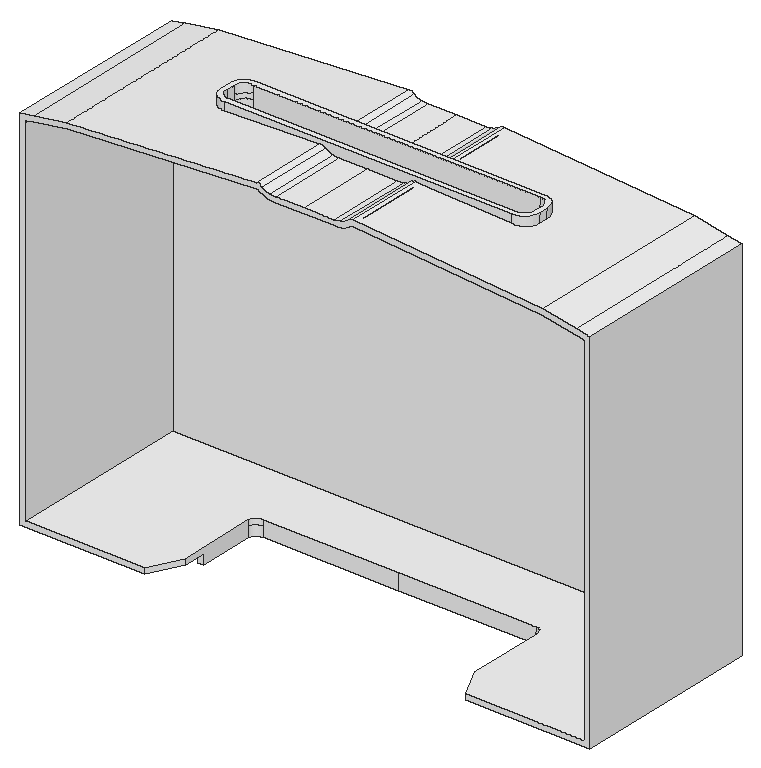
Revit family "Vent_Cap-Navien-Outdoor-Kit", category Mechanical Equipment, host Face, Revit 2018
Family settings
  Host = Face
  Round Connector Dimension = Use Diameter
  Part Type = Normal
  OmniClass Number = 23.65.35.11
  OmniClass Title = Supply Water Heaters
  Cut with Voids When Loaded = No
  Shared = No
  Room Calculation Point = No
Parameters (values of type "Outdoor Vent Cap Kit (NPN-U Only)")
  Width = 14.46"  # constant formula
  Weight = 0.00 lbf
  Warranty = "https://www.navieninc.com/warranties"
  Version = "2018 - v1.0.a"  # constant formula
  URL = "https://www.navieninc.com"
  Product Page URL = "https://www.navieninc.com/products/npn-199u/accessories"
  Product Name = "Outdoor Vent Cap Kit (NPN-U Only)"  # constant formula
  Product Documentation Link = "https://www.navieninc.com/downloads/npn-outdoor-vent-cap-installation-manual-en"
  Model = "30023991A"  # constant formula
  Material = ""
  Manufacturer Phone Number = "(949) 420-0420"  # constant formula
  Manufacturer Fax Number = "(949) 420-0430"  # constant formula
  Manufacturer Address = "20 Goodyear, Irvine, CA 92618"  # constant formula
  Manufacturer = "Navien, Inc."  # constant formula
  Keynote = "22 33 00.A1"
  Installation Type = "Outdoor Vent Cover"  # constant formula
  Height = 4.72"  # constant formula
  Finish = Polypropylene - Navien - White
  Description = "Designed for NPN-U when installing unit outdoors. Required for NPN-U outdoor installations."  # constant formula
  Depth = 9.94"  # constant formula
  Default Elevation = 48.00"
  Copyright = "All contents copyright © Navien Inc."  # constant formula
  Assembly Code = "D3010500"
Reference planes (in)
  plane 1 "Center (Front/Back)": y = 0
  plane 2: z = 0
  plane 3 "Center (Left/Right)": x = 0
Forms (in)
  Extrusion 1, solid, material "Polypropylene - Navien - White" <- "Finish", detail levels medium+fine
    sketch origin (0, 2.85827, 0) x (1, 0, 0) y (0, 0, 1)
      loop
        line (-7.09743, 9.44511) -> (-7.09743, 0.39005) -> (-6.96309, 0.39005) -> (-6.96309, 9.288)
        arc (-6.96309, 9.288) -> (-6.94819, 9.32398) -> (-6.91221, 9.33888) r 0.05088
        line (-6.91221, 9.33888) -> (-6.74126, 9.36903) -> (-5.90115, 9.51716)
        arc (-5.90115, 9.51716) -> (-3.55994, 9.74451) -> (-1.20956, 9.83783) r 41.18398
        arc (-1.20956, 9.83783) -> (-1.16206, 9.83003) -> (-1.1234, 9.80134) r 0.10217
        arc (-1.1234, 9.80134) -> (-0.92792, 9.71081) -> (-0.71336, 9.69147) r 0.62971
        line (-0.71336, 9.69147) -> (0, 9.69147) -> (0.71336, 9.69147)
        arc (0.71336, 9.69147) -> (0.92792, 9.71081) -> (1.1234, 9.80134) r 0.62971
        arc (1.1234, 9.80134) -> (1.16206, 9.83003) -> (1.20956, 9.83783) r 0.10217
        arc (1.20956, 9.83783) -> (3.55994, 9.74451) -> (5.90115, 9.51716) r 41.18398
        line (5.90115, 9.51716) -> (6.74126, 9.36903) -> (6.91221, 9.33888)
        arc (6.91221, 9.33888) -> (6.94819, 9.32398) -> (6.96309, 9.288) r 0.05088
        line (6.96309, 9.288) -> (6.96309, 0.39005) -> (7.09743, 0.39005) -> (7.09743, 9.44511) -> (6.76195, 9.50427) -> (5.93601, 9.6499)
        arc (5.93601, 9.6499) -> (3.57144, 9.87877) -> (1.19759, 9.97078) r 41.14121
        arc (1.19759, 9.97078) -> (1.1262, 9.95856) -> (1.06366, 9.92204) r 0.20287
        arc (1.06366, 9.92204) -> (0.97622, 9.8668) -> (0.87667, 9.83878) r 0.35897
        arc (0.87667, 9.83878) -> (0.80031, 9.83046) -> (0.72368, 9.8254) r 1.80753
        line (0.72368, 9.8254) -> (0, 9.8254) -> (-0.72368, 9.8254)
        arc (-0.72368, 9.8254) -> (-0.80031, 9.83046) -> (-0.87667, 9.83878) r 1.80753
        arc (-0.87667, 9.83878) -> (-0.97622, 9.8668) -> (-1.06366, 9.92204) r 0.35897
        arc (-1.06366, 9.92204) -> (-1.1262, 9.95856) -> (-1.19759, 9.97078) r 0.20287
        arc (-1.19759, 9.97078) -> (-3.57144, 9.87877) -> (-5.93601, 9.6499) r 41.14121
        line (-5.93601, 9.6499) -> (-6.76195, 9.50427) -> (-7.09743, 9.44511)
    from -1.86614 to 2.85827
  Extrusion 2, solid, material "Polypropylene - Navien - White" <- "Finish", detail levels medium+fine
    sketch origin (0, 2.85827, 0) x (1, 0, 0) y (0, 1, 0)
      loop
        arc (3.57378, -0.88868) -> (3.85213, -0.77339) -> (3.96742, -0.49504) r 0.39364
        line (3.96742, -0.49504) -> (3.96742, -0.27661)
        arc (3.96742, -0.27661) -> (3.85213, 0.00173) -> (3.57378, 0.11703) r 0.39364
        line (3.57378, 0.11703) -> (-3.57378, 0.11703)
        arc (-3.57378, 0.11703) -> (-3.85213, 0.00173) -> (-3.96742, -0.27661) r 0.39364
        line (-3.96742, -0.27661) -> (-3.96742, -0.49504)
        arc (-3.96742, -0.49504) -> (-3.85213, -0.77339) -> (-3.57378, -0.88868) r 0.39364
        line (-3.57378, -0.88868) -> (3.57378, -0.88868)
      loop
        line (-3.57378, -0.76368) -> (3.57378, -0.76368)
        arc (3.57378, -0.76368) -> (3.76374, -0.685) -> (3.84242, -0.49504) r 0.26864
        line (3.84242, -0.49504) -> (3.84242, -0.27661)
        arc (3.84242, -0.27661) -> (3.76374, -0.08666) -> (3.57378, -0.00797) r 0.26864
        line (3.57378, -0.00797) -> (-3.57378, -0.00797)
        arc (-3.57378, -0.00797) -> (-3.76374, -0.08666) -> (-3.84242, -0.27661) r 0.26864
        line (-3.84242, -0.27661) -> (-3.84242, -0.49504)
        arc (-3.84242, -0.49504) -> (-3.76374, -0.685) -> (-3.57378, -0.76368) r 0.26864
    from 8.79554 to 10.07507
  Extrusion 3, void
    sketch origin (0, 2.85827, 0) x (1, 0, 0) y (0, 1, 0)
      loop
        arc (-3.57378, -0.00797) -> (-3.76374, -0.08666) -> (-3.84242, -0.27661) r 0.26864
        line (-3.84242, -0.27661) -> (-3.84242, -0.49504)
        arc (-3.84242, -0.49504) -> (-3.76374, -0.685) -> (-3.57378, -0.76368) r 0.26864
        line (-3.57378, -0.76368) -> (3.57378, -0.76368)
        arc (3.57378, -0.76368) -> (3.76374, -0.685) -> (3.84242, -0.49504) r 0.26864
        line (3.84242, -0.49504) -> (3.84242, -0.27661)
        arc (3.84242, -0.27661) -> (3.76374, -0.08666) -> (3.57378, -0.00797) r 0.26864
        line (3.57378, -0.00797) -> (-3.57378, -0.00797)
    from 8.47288 to 10.33436
  Extrusion 4, solid, material "Polypropylene - Navien - White" <- "Finish", detail levels medium+fine
    sketch origin (0, 2.85827, 0) x (1, 0, 0) y (0, 1, 0)
      loop
        line (-7.0959, -2.85827) -> (-3.99604, -2.85827) -> (-3.60216, -2.06879) -> (-3.60216, -0.12184)
        arc (-3.60216, -0.12184) -> (-3.54456, 0.01721) -> (-3.40551, 0.0748) r 0.19665
        line (-3.40551, 0.0748) -> (-0.00503, 0.0748) -> (3.40551, 0.0748)
        arc (3.40551, 0.0748) -> (3.54456, 0.01721) -> (3.60216, -0.12184) r 0.19665
        line (3.60216, -0.12184) -> (3.60216, -2.06879) -> (3.99604, -2.85827) -> (7.0959, -2.85827) -> (7.0959, 1.86614) -> (0, 1.86614) -> (-7.0959, 1.86614) -> (-7.0959, -2.85827)
    from 0.26014 to 0.39005
  Extrusion 5, solid, material "Polypropylene - Navien - White" <- "Finish", detail levels medium+fine
    sketch origin (0, 2.85827, 0) x (1, 0, 0) y (0, 1, 0)
      loop
        line (-3.60216, -1.51181) -> (-3.60216, -0.12184)
        arc (-3.60216, -0.12184) -> (-3.54456, 0.01721) -> (-3.40551, 0.0748) r 0.19665
        line (-3.40551, 0.0748) -> (-0.00503, 0.0748) -> (3.40551, 0.0748)
        arc (3.40551, 0.0748) -> (3.54456, 0.01721) -> (3.60216, -0.12184) r 0.19665
        line (3.60216, -0.12184) -> (3.60216, -1.51181) -> (3.74016, -1.51181) -> (3.74016, -0.12205)
        arc (3.74016, -0.12205) -> (3.64214, 0.11458) -> (3.40551, 0.2126) r 0.33465
        line (3.40551, 0.2126) -> (0, 0.2126) -> (-3.40551, 0.2126)
        arc (-3.40551, 0.2126) -> (-3.64214, 0.11458) -> (-3.74016, -0.12205) r 0.33465
        line (-3.74016, -0.12205) -> (-3.74016, -1.51181) -> (-3.60216, -1.51181)
    from 0 to 0.26014
  Extrusion 6, solid, material "Polypropylene - Navien - White" <- "Finish", detail levels medium+fine
    sketch origin (0, 2.85827, 0) x (1, 0, 0) y (0, 0, 1)
      loop
        line (-6.74126, 9.36903) -> (-6.91221, 9.33888)
        arc (-6.91221, 9.33888) -> (-6.94819, 9.32398) -> (-6.96309, 9.288) r 0.05088
        line (-6.96309, 9.288) -> (-6.96309, 0.39005) -> (6.96309, 0.39005) -> (6.96309, 9.288)
        arc (6.96309, 9.288) -> (6.94819, 9.32398) -> (6.91221, 9.33888) r 0.05088
        line (6.91221, 9.33888) -> (6.74126, 9.36903) -> (5.90115, 9.51716)
        arc (5.90115, 9.51716) -> (3.55994, 9.74451) -> (1.20956, 9.83783) r 41.18398
        arc (1.20956, 9.83783) -> (1.16206, 9.83003) -> (1.1234, 9.80134) r 0.10217
        arc (1.1234, 9.80134) -> (0.92792, 9.71081) -> (0.71336, 9.69147) r 0.62971
        line (0.71336, 9.69147) -> (0, 9.69147) -> (-0.71336, 9.69147)
        arc (-0.71336, 9.69147) -> (-0.92792, 9.71081) -> (-1.1234, 9.80134) r 0.62971
        arc (-1.1234, 9.80134) -> (-1.16206, 9.83003) -> (-1.20956, 9.83783) r 0.10217
        arc (-1.20956, 9.83783) -> (-3.55994, 9.74451) -> (-5.90115, 9.51716) r 41.18398
        line (-5.90115, 9.51716) -> (-6.74126, 9.36903)
    from -1.86614 to -1.72835
  Extrusion 7, solid, material "Polypropylene - Navien - White" <- "Finish", detail levels coarse
    sketch origin (0, 19.32383, 4.3925) x (0, 1, 0) y (-1, 0, 0)
      loop
        line (-14.59942, 7.09743) -> (-19.32383, 7.09743) -> (-19.32383, -7.09743) -> (-14.59942, -7.09743) -> (-14.59942, 7.09743)
    from -4.3925 to 5.68257
Cuts and joins
  Extrusion 3 cuts Extrusion 1
  joined: Extrusion 1, Extrusion 2, Extrusion 4, Extrusion 5, Extrusion 6
Dimensions and locks (in)
  aligned and locked: plane 2 to host face
  aligned and locked: level to host face
